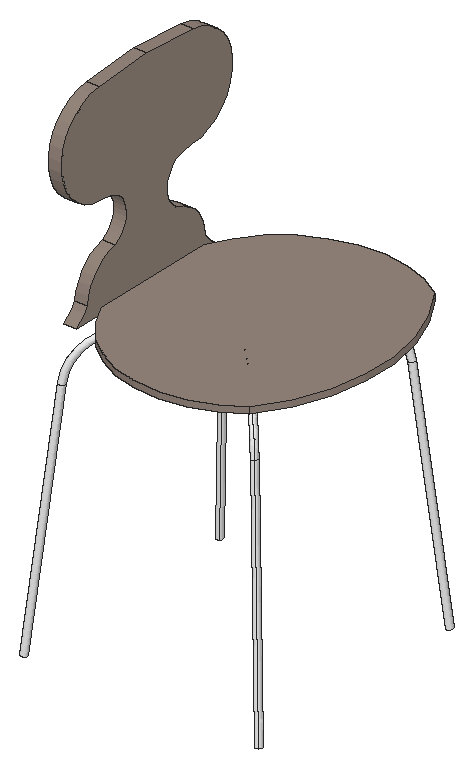
Revit family "Chair 2", category Furniture, Revit 2023
Family settings
  Work Plane-Based = No
  Enable Cutting in Views = No
  Always vertical = Yes
  Cut with Voids When Loaded = No
  Render Appearance Source = Family Geometry
  Shared = No
  Room Calculation Point = No
Parameters
  Keynote = "12600"
  Manufacturer = ""
  Default Elevation = 0 mm
  Bracket Material = Herman Miller - Finish 47 Trivalent Chrome
  Model = ""
  Cushion/Chair Back Material = Herman Miller - Veneer Z5 Maple
  BG_DIM_Width1 [instance] = 0 mm
  BG_DIM_Height1 [instance] = 0 mm
  BG_DIM_Depth1 [instance] = 0 mm
Reference planes
  plane 1 "Center F/B": y = -198.997
  plane 2: z = 0
  plane 3 "Center L/R": x = -1.022
Forms (mm)
  Sweep 1, solid, material "Herman Miller - Finish 47 Trivalent Chrome" <- "Bracket Material"
    path origin (61.052, -65.204, 45) x (0, 0, -1) y (0.707107, -0.707107, 0)
      loop
        line (45, -82.843) -> (-332.364, -36.508)
        arc (-332.364, -36.508) -> (-382.531, -10.114) -> (-402.615, 42.895) r 80
        line (-402.615, 42.895) -> (-402.615, 181.322)
    profile origin (18.855, -23.007, 188.682) x (-0.701836, 0.701836, 0.121869) y (-0.707107, -0.707107, 0)
      loop
        circle (0, 0) r 5
  Sweep 2, solid, material "Herman Miller - Finish 47 Trivalent Chrome" <- "Bracket Material"
    path origin (57.516, -325.168, 45) x (0, 0, -1) y (0.707107, 0.707107, 0)
      loop
        line (45, -82.843) -> (-332.364, -36.508)
        arc (-332.364, -36.508) -> (-382.531, -10.114) -> (-402.615, 42.895) r 80
        line (-402.615, 42.895) -> (-402.615, 181.322)
    profile origin (15.319, -367.364, 188.682) x (-0.701836, -0.701836, 0.121869) y (0.707107, -0.707107, 0)
      loop
        circle (0, 0) r 5
  Sweep 3, solid, material "Herman Miller - Finish 47 Trivalent Chrome" <- "Bracket Material"
    path origin (303.338, -65.204, 45) x (0, 0, -1) y (0.707107, 0.707107, 0)
      loop
        line (45, 82.843) -> (-332.364, 36.508)
        arc (-332.364, 36.508) -> (-382.531, 10.114) -> (-402.615, -42.895) r 80
        line (-402.615, -42.895) -> (-402.615, -181.322)
    profile origin (345.535, -23.007, 188.682) x (0.701836, 0.701836, 0.121869) y (-0.707107, 0.707107, 0)
      loop
        circle (0, 0) r 5
  Sweep 4, solid, material "Herman Miller - Finish 47 Trivalent Chrome" <- "Bracket Material"
    path origin (306.873, -325.168, 45) x (0, 0, -1) y (0.707107, -0.707107, 0)
      loop
        line (45, 82.843) -> (-332.364, 36.508)
        arc (-332.364, 36.508) -> (-382.531, 10.114) -> (-402.615, -42.895) r 80
        line (-402.615, -42.895) -> (-402.615, -181.322)
    profile origin (349.07, -367.364, 188.682) x (0.701836, -0.701836, 0.121869) y (0.707107, 0.707107, 0)
      loop
        circle (0, 0) r 5
  Extrusion 5, solid, material "Herman Miller - Veneer Z5 Maple" <- "Cushion/Chair Back Material"
    sketch origin (0, 0, 0) x (1, 0, 0) y (0, 1, 0)
      loop
        arc (340, -9.099) -> (152.776, 17.913) -> (32.728, -128.274) r 192.616
        line (32.728, -128.274) -> (32.728, -249.923)
        arc (32.728, -249.923) -> (152.776, -396.11) -> (340, -369.099) r 192.616
        arc (340, -369.099) -> (400.673, -189.099) -> (340, -9.099) r 297.34
    from 450 to 460
  Extrusion 6, solid, material "Herman Miller - Veneer Z5 Maple" <- "Cushion/Chair Back Material"
    sketch origin (390, -409.099, -27.081) x (0, 0, -1) y (0, 1, 0)
      loop
        arc (-498.809, 95.839) -> (-486.21, 86.065) -> (-477.081, 72.99) r 53.087
        line (-477.081, 72.99) -> (-477.081, 347.212)
        arc (-477.081, 347.212) -> (-486.21, 334.138) -> (-498.809, 324.364) r 53.087
        arc (-498.809, 324.364) -> (-539.073, 308.301) -> (-561.143, 270.989) r 67.175
        arc (-561.143, 270.989) -> (-601.737, 249.17) -> (-634.197, 281.887) r 38.521
        line (-634.197, 281.887) -> (-636.604, 298.938)
        arc (-636.604, 298.938) -> (-714.694, 376.726) -> (-796.127, 302.444) r 79.872
        line (-796.127, 302.444) -> (-802.584, 210.101) -> (-796.127, 117.759)
        arc (-796.127, 117.759) -> (-714.694, 43.477) -> (-636.604, 121.265) r 79.872
        line (-636.604, 121.265) -> (-634.197, 138.316)
        arc (-634.197, 138.316) -> (-601.737, 171.033) -> (-561.143, 149.213) r 38.521
        arc (-561.143, 149.213) -> (-539.073, 111.901) -> (-498.809, 95.839) r 67.175
    from -367.272 to -347.272
Dimensions and locks
  aligned and locked: plane 1 "Center F/B" to Extrusion 6
